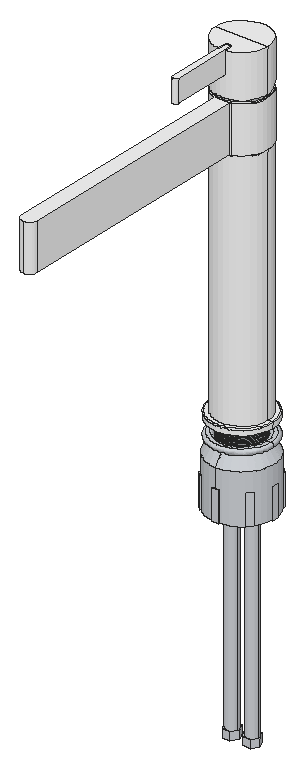
Revit family "Reece_Tap_Milli_Axon_Sink Mixer_205 mm", category Plumbing Fixtures, host Face, Revit 2018
Family settings
  Host = Face
  Round Connector Dimension = Use Diameter
  Part Type = Normal
  Cut with Voids When Loaded = No
  Shared = Yes
  Room Calculation Point = Yes
Parameters (values of type "Chrome")
  WFU = 0  # constant formula
  URL = "https://www.reece.com.au/product/-2252097"
  Type Comments = "Tap"
  Reece_Tap_Reach = 205.0 mm  # constant formula
  Reece_Tap_Inlet = 12.0 mm  # constant formula
  Reece_Tap_Handle Spacing = 69.0 mm
  Reece_Product_Web Page = "https://www.reece.com.au/product/-2252097"
  Reece_Product_Type = "Tap"  # constant formula
  Reece_Product_Sub Brand = "Axon"  # constant formula
  Reece_Product_Number = "2252097"
  Reece_Product_Mount = "Hob Mounted"
  Reece_Product_Description = "Milli Axon Sink Mixer Tap Chrome (5 Star)"
  Reece_Product_Brand = "Milli"  # constant formula
  Reece_Overall_Width = 50.0 mm  # constant formula
  Reece_Overall_Height = 274.0 mm  # constant formula
  Reece_Material_Secondary = Reece_Brass_Chrome
  Reece_Material-Main = Reece_Brass_Chrome
  Reece_Detail_Installation = "Sink Mixer"  # constant formula
  Reece_Detail_Disclaimer = "THIS FILE IS THE PROPERTY OF THE REECE GROUP. IT MAY NOT BE REPRODUCED, REVERSE-ENGINEERED OR MODIFIED. ANY REPUBLICATION, TRANSMISSION OR DISTRIBUTION FOR THE PURPOSE OF COMMERCIALLY EXPLOITING THE FILES IS PROHIBITED."  # constant formula
  Model = "Axon"
  Manufacturer = "Milli"
  Keynote = "Product #2252097, Reece_Tap_Milli_Axon_Sink Mixer_205 mm - Chrome"
  HWFU = 0  # constant formula
  Disclaimer = "THIS FILE IS THE PROPERTY OF THE REECE GROUP. IT MAY NOT BE REPRODUCED, REVERSE-ENGINEERED OR MODIFIED. ANY REPUBLICATION, TRANSMISSION OR DISTRIBUTION FOR THE PURPOSE OF COMMERCIALLY EXPLOITING THE FILES IS PROHIBITED."  # constant formula
  Description = "Milli Axon Sink Mixer Tap Chrome (5 Star)"
  Default Elevation = 1000.0 mm
  CWFU = 0  # constant formula
Types (3, lengths in mm): name | URL | Reece_Product_Web Page | Reece_Product_Number | Reece_Product_Description | Reece_Material_Secondary | Keynote | Description
  (no name) | "https://www.reece.com.au/product/-2252097" | "https://www.reece.com.au/product/-2252097" | "2252097" | "Milli Axon Sink Mixer Tap Chrome (5 Star)" | Reece_Brass_Chrome | "Product #2252097, Reece_Tap_Milli_Axon_Sink Mixer_205 mm -  " | "Milli Axon Sink Mixer Tap Chrome (5 Star)"
  Chrome | "https://www.reece.com.au/product/-2252097" | "https://www.reece.com.au/product/-2252097" | "2252097" | "Milli Axon Sink Mixer Tap Chrome (5 Star)" | Reece_Brass_Chrome | "Product #2252097, Reece_Tap_Milli_Axon_Sink Mixer_205 mm - Chrome" | "Milli Axon Sink Mixer Tap Chrome (5 Star)"
  Chrome_Matte Black | "https://www.reece.com.au/product/-2252098" | "https://www.reece.com.au/product/-2252098" | "2252098" | "Milli Axon Sink Mixer Tap with Black Outlet Chrome / Matte Black (5 Star)" | Reece_Brass_Matte Black | "Product #2252098, Reece_Tap_Milli_Axon_Sink Mixer_205 mm - Chrome_Matte Black" | "Milli Axon Sink Mixer Tap with Black Outlet Chrome / Matte Black (5 Star)"
Reference planes
  plane 1 "Center (Front/Back)": y = 0
  plane 2 "Bottom": z = 0
  plane 3 "Center (Left/Right)": x = 0
  plane 4 "Top": z = 274
  plane 5 "Center L/U": z = 200
  plane 6 "Center L/V": z = 237
  plane 7: y = -220
  plane 8: y = -69
  plane 9: z = 4.5
  plane 10: z = 256
  plane 11: y = 25
  plane 12: y = -205
  plane 13: x = -25
  plane 14: x = -21
  plane 15: x = 21
  plane 16: y = -25
  plane 17: x = 25
Forms (mm)
  Extrusion 1, solid, material "Reece_Brass_Chrome" <- "Reece_Material-Main"
    sketch origin (0, 0, 35) x (1, 0, 0) y (0, 1, 0)
      loop
        circle (0, 0) r 21
    from -30.5 to 164.5
  Extrusion 2, solid, material "Reece_Brass_Chrome" <- "Reece_Material_Secondary"
    sketch origin (0, 0, 95) x (1, 0, 0) y (0, 1, 0)
      loop
        arc (-6.224, -213.776) -> (-4.401, -218.177) -> (0, -220) r 6.224
        arc (0, -220) -> (4.401, -218.177) -> (6.224, -213.776) r 6.224
        line (6.224, -213.776) -> (6.224, -20.638)
        arc (6.224, -20.638) -> (6.373, -20.172) -> (6.766, -19.88) r 0.8
        arc (6.766, -19.88) -> (0, 21) -> (-6.766, -19.88) r 21
        arc (-6.766, -19.88) -> (-6.373, -20.172) -> (-6.224, -20.638) r 0.8
        line (-6.224, -20.638) -> (-6.224, -213.776)
    from 105 to 142
  Revolve 3, solid, material "Reece_Brass_Chrome" <- "Reece_Material-Main"
    sketch origin (0, 0, 0) x (1, 0, 0) y (0, 0, 1)
      loop
        line (-0.66, 200) -> (-20.383, 200)
        arc (-20.383, 200) -> (-20.777, 199.855) -> (-21, 199.5) r 0.65
        line (-21, 199.5) -> (0, 199.5) -> (0, 200.66) -> (-0.66, 200)
      axis (0, 199.5) -> (0, 200.66)
    angle from 0 to 360
  Revolve 4, solid, material "Reece_Brass_Chrome" <- "Reece_Material-Main"
    sketch origin (0, 0, 0) x (1, 0, 0) y (0, 0, 1)
      loop
        line (0, 274) -> (0, 239) -> (20.5, 239)
        arc (20.5, 239) -> (20.854, 239.146) -> (21, 239.5) r 0.5
        line (21, 239.5) -> (21, 274) -> (0, 274)
      axis (0, 239) -> (0, 274)
    angle from 0 to 360
  Extrusion 5, solid, material "Reece_Brass_Chrome" <- "Reece_Material_Secondary"
    sketch origin (0, 0, 45) x (0, 1, 0) y (-1, 0, 0)
      loop
        arc (-15.453, -2.397) -> (-13.056, 0) -> (-15.453, 2.397) r 2.397
        line (-15.453, 2.397) -> (-66.603, 2.397)
        arc (-66.603, 2.397) -> (-69, 0) -> (-66.603, -2.397) r 2.397
        line (-66.603, -2.397) -> (-15.453, -2.397)
    from 211 to 229
  Revolve 6, solid, material "Reece_Brass_Chrome" <- "Reece_Material-Main"
    sketch origin (337.383, 0, 0) x (1, 0, 0) y (0, 0, 1)
      loop
        line (-357.287, 237.003) -> (-337.383, 237.003) -> (-337.383, 260.35)
        arc (-337.383, 260.35) -> (-351.018, 251.817) -> (-357.287, 237.003) r 26.73
      axis (-337.383, 237.003) -> (-337.383, 260.35)
    angle from 0 to 360
  Extrusion 7, void
    sketch origin (0, 0, 0) x (0, 1, 0) y (0, 0, 1)
      loop
        line (-2.86, 237.658) -> (22.966, 237.658) -> (22.966, 248.093) -> (-2.86, 237.658)
    from -28.187 to 28.409
  Extrusion 8, solid, material "Reece_Brass_Chrome" <- "Reece_Material_Secondary"
    sketch origin (0, -64.943, 0) x (1, 0, 0) y (0, 1, 0)
      loop
        circle (0, -127.933) r 1.345
    from 199.839 to 211.613
  Extrusion 9, void
    sketch origin (0, 0, 0) x (1, 0, 0) y (0, 1, 0)
      loop
        circle (0, 0) r 17.5
    from -30.5 to 0
  Extrusion 10, void
    sketch origin (0, 0, 0) x (1, 0, 0) y (0, 1, 0)
      loop
        arc (2.397, -15.453) -> (0, -13.056) -> (-2.397, -15.453) r 2.397
        line (-2.397, -15.453) -> (-2.397, -66.603)
        arc (-2.397, -66.603) -> (0, -69) -> (2.397, -66.603) r 2.397
        line (2.397, -66.603) -> (2.397, -15.453)
    from 256 to 274.684
  Extrusion 11, solid
    sketch origin (0, -0.328, -5.455) x (1, 0, 0) y (0, 1, 0)
      loop
        circle (-7.802, 0.037) r 5
      loop
        circle (8.558, 0.037) r 5
    from -227.67 to 5.455
  Extrusion 12, solid
    sketch origin (0, -0.328, -5.455) x (1, 0, 0) y (0, 1, 0)
      loop
        line (-1.615, 0.044) -> (-5.098, 6.076) -> (-10.805, 6.076) -> (-14.288, 0.044) -> (-10.814, -5.972) -> (-5.089, -5.972) -> (-1.615, 0.044)
      loop
        line (14.759, 0.044) -> (11.591, 5.532) -> (5.255, 5.532) -> (2.087, 0.044) -> (5.255, -5.443) -> (11.591, -5.443) -> (14.759, 0.044)
    from -227.67 to -221.448
  Revolve 13, solid
    sketch origin (0, -0.328, -5.455) x (0, 1, 0) y (0, 0, 1)
      loop
        line (-24, -59.419) -> (-24, -20.536) -> (-18.18, -10.455) -> (-20.489, -10.455) -> (-26, -20) -> (-26, -59.419) -> (-24, -59.419)
      axis (0, -10.455) -> (0, -59.419)
    angle from 0 to 360
  Extrusion 14, solid
    sketch origin (2.399, -30.333, -5.455) x (-0.00336, -0.999994, 0) y (0.999994, -0.00336, 0)
      loop
        line (-5.24, 0.071) -> (-5.24, -4.929) -> (-3.422, -4.929) -> (-3.422, 0.071) -> (-5.24, 0.071)
      loop
        line (-15.067, 19.652) -> (-16.348, 18.363) -> (-12.801, 14.839) -> (-11.52, 16.129) -> (-15.067, 19.652)
      loop
        line (-32.906, 24.224) -> (-32.899, 22.406) -> (-27.899, 22.423) -> (-27.906, 24.241) -> (-32.906, 24.224)
      loop
        line (-50.166, 15.331) -> (-48.876, 14.05) -> (-45.352, 17.598) -> (-46.642, 18.879) -> (-50.166, 15.331)
      loop
        line (-57.216, -5.091) -> (-55.398, -5.085) -> (-55.415, -0.085) -> (-57.233, -0.091) -> (-57.216, -5.091)
      loop
        line (-47.648, -22.847) -> (-46.367, -21.557) -> (-49.914, -18.033) -> (-51.195, -19.323) -> (-47.648, -22.847)
      loop
        line (-27.725, -29.402) -> (-27.731, -27.584) -> (-32.731, -27.601) -> (-32.725, -29.419) -> (-27.725, -29.402)
      loop
        line (-10.279, -20.477) -> (-11.568, -19.196) -> (-15.092, -22.743) -> (-13.802, -24.024) -> (-10.279, -20.477)
    from -59.419 to -35
  Revolve 15, solid
    sketch origin (0, 0, 0) x (1, 0, 0) y (0, 0, 1)
      loop
        arc (-15.764, -0.875) -> (-16.201, -0.438) -> (-15.764, 0) r 0.438
        line (-15.764, 0) -> (0, 0) -> (0, -40.375) -> (-15.764, -40.375)
        arc (-15.764, -40.375) -> (-16.201, -39.937) -> (-15.764, -39.499) r 0.438
        arc (-15.764, -39.499) -> (-16.201, -39.061) -> (-15.764, -38.624) r 0.438
        arc (-15.764, -38.624) -> (-16.201, -38.186) -> (-15.764, -37.748) r 0.438
        arc (-15.764, -37.748) -> (-16.201, -37.31) -> (-15.764, -36.873) r 0.438
        arc (-15.764, -36.873) -> (-16.201, -36.435) -> (-15.764, -35.997) r 0.438
        arc (-15.764, -35.997) -> (-16.201, -35.559) -> (-15.764, -35.122) r 0.438
        arc (-15.764, -35.122) -> (-16.201, -34.684) -> (-15.764, -34.246) r 0.438
        arc (-15.764, -34.246) -> (-16.201, -33.808) -> (-15.764, -33.371) r 0.438
        arc (-15.764, -33.371) -> (-16.201, -32.933) -> (-15.764, -32.495) r 0.438
        arc (-15.764, -32.495) -> (-16.201, -32.057) -> (-15.764, -31.62) r 0.438
        arc (-15.764, -31.62) -> (-16.201, -31.182) -> (-15.764, -30.744) r 0.438
        arc (-15.764, -30.744) -> (-16.201, -30.306) -> (-15.764, -29.869) r 0.438
        arc (-15.764, -29.869) -> (-16.201, -29.431) -> (-15.764, -28.993) r 0.438
        arc (-15.764, -28.993) -> (-16.201, -28.556) -> (-15.764, -28.118) r 0.438
        arc (-15.764, -28.118) -> (-16.201, -27.68) -> (-15.764, -27.242) r 0.438
        arc (-15.764, -27.242) -> (-16.201, -26.805) -> (-15.764, -26.367) r 0.438
        arc (-15.764, -26.367) -> (-16.201, -25.929) -> (-15.764, -25.491) r 0.438
        arc (-15.764, -25.491) -> (-16.201, -25.054) -> (-15.764, -24.616) r 0.438
        arc (-15.764, -24.616) -> (-16.201, -24.178) -> (-15.764, -23.74) r 0.438
        arc (-15.764, -23.74) -> (-16.201, -23.303) -> (-15.764, -22.865) r 0.438
        arc (-15.764, -22.865) -> (-16.201, -22.427) -> (-15.764, -21.989) r 0.438
        arc (-15.764, -21.989) -> (-16.201, -21.552) -> (-15.764, -21.114) r 0.438
        arc (-15.764, -21.114) -> (-16.201, -20.676) -> (-15.764, -20.238) r 0.438
        arc (-15.764, -20.238) -> (-16.201, -19.801) -> (-15.764, -19.363) r 0.438
        arc (-15.764, -19.363) -> (-16.201, -18.925) -> (-15.764, -18.487) r 0.438
        arc (-15.764, -18.487) -> (-16.201, -18.05) -> (-15.764, -17.612) r 0.438
        arc (-15.764, -17.612) -> (-16.201, -17.174) -> (-15.764, -16.736) r 0.438
        arc (-15.764, -16.736) -> (-16.201, -16.299) -> (-15.764, -15.861) r 0.438
        arc (-15.764, -15.861) -> (-16.201, -15.423) -> (-15.764, -14.985) r 0.438
        arc (-15.764, -14.985) -> (-16.201, -14.548) -> (-15.764, -14.11) r 0.438
        arc (-15.764, -14.11) -> (-16.201, -13.672) -> (-15.764, -13.234) r 0.438
        arc (-15.764, -13.234) -> (-16.201, -12.797) -> (-15.764, -12.359) r 0.438
        arc (-15.764, -12.359) -> (-16.201, -11.921) -> (-15.764, -11.483) r 0.438
        arc (-15.764, -11.483) -> (-16.201, -11.046) -> (-15.764, -10.608) r 0.438
        arc (-15.764, -10.608) -> (-16.201, -10.17) -> (-15.764, -9.732) r 0.438
        arc (-15.764, -9.732) -> (-16.201, -9.295) -> (-15.764, -8.857) r 0.438
        arc (-15.764, -8.857) -> (-16.201, -8.419) -> (-15.764, -7.982) r 0.438
        arc (-15.764, -7.982) -> (-16.201, -7.544) -> (-15.764, -7.106) r 0.438
        arc (-15.764, -7.106) -> (-16.201, -6.668) -> (-15.764, -6.231) r 0.438
        arc (-15.764, -6.231) -> (-16.201, -5.793) -> (-15.764, -5.355) r 0.438
        arc (-15.764, -5.355) -> (-16.201, -4.917) -> (-15.764, -4.48) r 0.438
        arc (-15.764, -4.48) -> (-16.201, -4.042) -> (-15.764, -3.604) r 0.438
        arc (-15.764, -3.604) -> (-16.201, -3.166) -> (-15.764, -2.729) r 0.438
        arc (-15.764, -2.729) -> (-16.201, -2.291) -> (-15.764, -1.853) r 0.438
        arc (-15.764, -1.853) -> (-16.201, -1.415) -> (-15.764, -0.978) r 0.438
      axis (0, -40.375) -> (0, 0)
    angle from 0 to 360
  Revolve 16, solid
    sketch origin (0, 0, 40) x (1, 0, 0) y (0, 0, 1)
      loop
        arc (-20, -54.893) -> (-18.043, -52.936) -> (-20, -50.98) r 1.957
        line (-20, -50.98) -> (-23.142, -50.98)
        arc (-23.142, -50.98) -> (-25.099, -52.936) -> (-23.142, -54.893) r 1.957
        line (-23.142, -54.893) -> (-20, -54.893)
      axis (0, -54.893) -> (0, -50.98)
    angle from 0 to 360
  Revolve 17, solid, material "Reece_Brass_Chrome" <- "Reece_Material-Main"
    sketch origin (0, 0, 0) x (1, 0, 0) y (0, 0, 1)
      loop
        line (0, 0) -> (0, 4.5) -> (-24.25, 4.5)
        arc (-24.25, 4.5) -> (-24.78, 4.28) -> (-25, 3.75) r 0.75
        line (-25, 3.75) -> (-25, 0) -> (0, 0)
      axis (0, 0) -> (0, 4.5)
    angle from 0 to 360
  Extrusion 18, solid, material "Reece_Brass_Chrome" <- "Reece_Material_Secondary"
    sketch origin (0, 2.409, 0) x (1, 0, 0) y (0, 1, 0)
      loop
        line (3.981, -214.754) -> (3.981, -195.554)
        arc (3.981, -195.554) -> (-0.019, -191.554) -> (-4.019, -195.554) r 4
        line (-4.019, -195.554) -> (-4.019, -214.754)
        arc (-4.019, -214.754) -> (-0.019, -218.754) -> (3.981, -214.754) r 4
      loop
        line (2.781, -214.754) -> (2.781, -195.554)
        arc (2.781, -195.554) -> (-0.019, -192.754) -> (-2.819, -195.554) r 2.8
        line (-2.819, -195.554) -> (-2.819, -214.754)
        arc (-2.819, -214.754) -> (-0.019, -217.554) -> (2.781, -214.754) r 2.8
    from 199.839 to 211.613
  Extrusion 19, solid, material "Reece_Brass_Chrome" <- "Reece_Material_Secondary"
    sketch origin (-12.306, 0, 0) x (1, 0, 0) y (0, 1, 0)
      loop
        arc (14.306, -197.419) -> (12.306, -195.419) -> (10.306, -197.419) r 2
        line (10.306, -197.419) -> (10.306, -212.581)
        arc (10.306, -212.581) -> (12.306, -214.581) -> (14.306, -212.581) r 2
        line (14.306, -212.581) -> (14.306, -197.419)
    from 199.839 to 211.613
Cuts and joins
  Extrusion 7, Extrusion 10 cuts Revolve 4
  joined: Extrusion 1, Revolve 3, Revolve 4, Revolve 6, Revolve 17
  joined: Extrusion 2, Extrusion 8, Extrusion 18, Extrusion 19
Text (mm)
  text "Reece Copyright © 2018, Reece Ltd." at (-185.293, -173.363, 0), in view "Ref. Level"
  text "Reece ©" at (-200.34, -265.825, -87.706), in view "Reece Preview"
Dimensions and locks
  plane 1 "Center (Front/Back)" to plane 8 = 69.0 mm
  plane 9 to host face = 4.5 mm
  "Reece_Overall_Height": plane 4 "Top" to host face
  plane 4 "Top" to plane 10 = 18.0 mm
  "Reece_Tap_Reach": plane 12 to plane 1 "Center (Front/Back)"
  plane 6 "Center L/V" to plane 5 "Center L/U" = 37.0 mm
  plane 9 to plane 2 "Bottom" = 4.5 mm
  plane 7 to plane 1 "Center (Front/Back)" = 220.0 mm
  plane 8 to plane 1 "Center (Front/Back)" = 69.0 mm
  plane 5 "Center L/U" to plane 2 "Bottom" = 200.0 mm
  "Reece_Tap_Reach": plane 1 "Center (Front/Back)" to plane 12
  plane 11 to plane 7 = 245.0 mm
  "Reece_Tap_Handle Spacing": plane 8 to plane 1 "Center (Front/Back)"
  "Reece_Overall_Width": plane 13 to plane 17
  aligned and locked: plane 2 "Bottom" to host face
  aligned and locked: level to host face
Automatic sketch dimensions
  host sketch curve to host sketch curve = 380.785 mm
  host sketch curve to host sketch curve = 317.421 mm
  plane 1 "Center (Front/Back)" to Extrusion 1 sketch curve = 0.0 mm
  Extrusion 1 sketch curve to plane 3 "Center (Left/Right)" = 0.0 mm
  Extrusion 2 sketch curve to Extrusion 2 sketch curve = 0.0 mm  (x4)
  Extrusion 2 sketch curve to plane 3 "Center (Left/Right)" = 0.0 mm  (x2)
  plane 1 "Center (Front/Back)" to Extrusion 2 sketch curve = 0.0 mm
  plane 7 to Extrusion 2 sketch curve = 0.0 mm
  Extrusion 2 sketch curve to Extrusion 2 sketch curve = 6.224 mm
  Extrusion 2 sketch curve to Extrusion 2 sketch curve = 0.8 mm  (x2)
  plane 1 "Center (Front/Back)" to Extrusion 2 sketch curve = 20.638 mm
  Revolve 3 sketch curve to plane 5 "Center L/U" = 0.0 mm
  Revolve 3 sketch curve to plane 3 "Center (Left/Right)" = 0.0 mm  (x2)
  Revolve 3 sketch curve to plane 3 "Center (Left/Right)" = 0.66 mm
  Revolve 3 sketch curve to plane 5 "Center L/U" = 0.5 mm
  plane 5 "Center L/U" to Revolve 3 sketch curve = 0.66 mm
  plane 5 "Center L/U" to Revolve 3 sketch curve = 0.28 mm
  Revolve 3 sketch curve to Revolve 3 sketch curve = 1.054 mm
  Revolve 4 sketch curve to plane 3 "Center (Left/Right)" = 0.0 mm  (x2)
  Revolve 4 sketch curve to plane 4 "Top" = 0.0 mm
  Revolve 4 sketch curve to Revolve 4 sketch curve = 0.5 mm
  plane 6 "Center L/V" to Revolve 4 sketch curve = 2.5 mm
  Revolve 4 sketch curve to Revolve 4 sketch curve = 20.0 mm
  Revolve 4 sketch curve to Revolve 4 sketch curve = 10.0 mm
  Extrusion 5 sketch curve to plane 3 "Center (Left/Right)" = 0.0 mm
  Extrusion 5 sketch curve to plane 8 = 2.397 mm
  plane 3 "Center (Left/Right)" to Extrusion 5 sketch curve = 2.397 mm
  plane 1 "Center (Front/Back)" to Extrusion 5 sketch curve = 15.453 mm
  Revolve 6 sketch curve to plane 3 "Center (Left/Right)" = 0.0 mm  (x2)
  plane 6 "Center L/V" to Revolve 6 sketch curve = 0.003 mm
  Revolve 6 sketch curve to plane 6 "Center L/V" = 2.525 mm
  plane 3 "Center (Left/Right)" to Revolve 6 sketch curve = 6.706 mm
  Revolve 6 sketch curve to Revolve 6 sketch curve = 1.653 mm
  Revolve 6 sketch curve to Revolve 6 sketch curve = 5.0 mm
  plane 6 "Center L/V" to Extrusion 7 sketch curve = 0.658 mm
  Extrusion 7 sketch curve to plane 10 = 7.907 mm
  plane 1 "Center (Front/Back)" to Extrusion 9 sketch curve = 0.0 mm
  Extrusion 9 sketch curve to plane 3 "Center (Left/Right)" = 0.0 mm
  Extrusion 10 sketch curve to plane 3 "Center (Left/Right)" = 0.0 mm
  plane 3 "Center (Left/Right)" to Extrusion 10 sketch curve = 2.397 mm
  plane 1 "Center (Front/Back)" to Extrusion 10 sketch curve = 15.453 mm
  Extrusion 10 sketch curve to plane 8 = 2.397 mm
  Extrusion 8 sketch curve to plane 3 "Center (Left/Right)" = 0.0 mm
  plane 12 to Extrusion 8 sketch curve = 12.124 mm
  Revolve 3 sketch curve to plane 5 "Center L/U" = 0.65 mm
  Revolve 3 sketch curve to Revolve 3 sketch curve = 19.707 mm
  Revolve 3 sketch curve to Revolve 3 sketch curve = 0.015 mm
  plane 3 "Center (Left/Right)" to Revolve 4 sketch curve = 20.5 mm
  Revolve 6 sketch curve to Revolve 6 sketch curve = 19.904 mm
  plane 1 "Center (Front/Back)" to Extrusion 11 sketch curve = 0.29 mm  (x2)
  Extrusion 11 sketch curve to plane 3 "Center (Left/Right)" = 7.802 mm
  plane 3 "Center (Left/Right)" to Extrusion 11 sketch curve = 8.558 mm
  plane 1 "Center (Front/Back)" to Extrusion 12 sketch curve = 0.283 mm  (x4)
  Extrusion 12 sketch curve to plane 14 = 6.712 mm
  Extrusion 12 sketch curve to Extrusion 12 sketch curve = 3.474 mm
  Extrusion 12 sketch curve to Extrusion 12 sketch curve = 3.482 mm
  Extrusion 12 sketch curve to plane 3 "Center (Left/Right)" = 5.098 mm
  Extrusion 12 sketch curve to plane 3 "Center (Left/Right)" = 5.089 mm
  Extrusion 12 sketch curve to plane 3 "Center (Left/Right)" = 1.615 mm
  plane 3 "Center (Left/Right)" to Extrusion 12 sketch curve = 2.087 mm
  plane 3 "Center (Left/Right)" to Extrusion 12 sketch curve = 5.255 mm  (x2)
  Extrusion 12 sketch curve to Extrusion 12 sketch curve = 6.336 mm  (x2)
  plane 15 to Extrusion 12 sketch curve = 6.241 mm
  plane 1 "Center (Front/Back)" to Extrusion 12 sketch curve = 6.3 mm
  plane 1 "Center (Front/Back)" to Extrusion 12 sketch curve = 5.771 mm
  Extrusion 12 sketch curve to plane 1 "Center (Front/Back)" = 5.204 mm
  Extrusion 12 sketch curve to plane 1 "Center (Front/Back)" = 5.748 mm
  plane 1 "Center (Front/Back)" to Revolve 13 sketch curve = 26.328 mm
  Revolve 13 sketch curve to Revolve 13 sketch curve = 2.0 mm
  Revolve 13 sketch curve to Revolve 13 sketch curve = 3.511 mm
  Revolve 13 sketch curve to Revolve 13 sketch curve = 2.309 mm
  Revolve 13 sketch curve to level = 64.874 mm
  Revolve 13 sketch curve to level = 25.991 mm
  Revolve 13 sketch curve to Revolve 13 sketch curve = 0.536 mm
  Revolve 13 sketch curve to Revolve 13 sketch curve = 10.081 mm
  plane 1 "Center (Front/Back)" to Revolve 13 sketch curve = 0.328 mm
  Revolve 13 sketch curve to Revolve 13 sketch curve = 9.419 mm
  Revolve 13 sketch curve to level = 15.455 mm
  plane 11 to Extrusion 14 sketch curve = 1.9 mm
  plane 3 "Center (Left/Right)" to Extrusion 14 sketch curve = 2.5 mm
  Extrusion 14 sketch curve to Extrusion 14 sketch curve = 0.017 mm  (x3)
  Extrusion 14 sketch curve to Extrusion 14 sketch curve = 1.818 mm  (x2)
  Extrusion 14 sketch curve to Extrusion 14 sketch curve = 4.203 mm
  Extrusion 14 sketch curve to Extrusion 14 sketch curve = 5.25 mm
  Extrusion 14 sketch curve to Extrusion 14 sketch curve = 1.281 mm  (x4)
  Extrusion 14 sketch curve to Extrusion 14 sketch curve = 1.29 mm  (x4)
  Extrusion 14 sketch curve to Extrusion 14 sketch curve = 3.547 mm  (x2)
  Extrusion 14 sketch curve to Extrusion 14 sketch curve = 3.524 mm  (x2)
  Extrusion 14 sketch curve to Extrusion 14 sketch curve = 12.447 mm
  Extrusion 14 sketch curve to Extrusion 14 sketch curve = 0.006 mm  (x2)
  Extrusion 14 sketch curve to Extrusion 14 sketch curve = 13.635 mm
  Extrusion 14 sketch curve to Extrusion 14 sketch curve = 5.0 mm  (x3)
  Extrusion 14 sketch curve to Extrusion 14 sketch curve = 11.552 mm
  Extrusion 14 sketch curve to Extrusion 14 sketch curve = 12.639 mm
  Extrusion 14 sketch curve to Extrusion 14 sketch curve = 6.328 mm
  Extrusion 14 sketch curve to Extrusion 14 sketch curve = 4.839 mm
  Extrusion 14 sketch curve to Extrusion 14 sketch curve = 4.994 mm
  Extrusion 14 sketch curve to Extrusion 14 sketch curve = 12.949 mm
  Extrusion 14 sketch curve to Extrusion 14 sketch curve = 14.266 mm
  Extrusion 14 sketch curve to Extrusion 14 sketch curve = 4.841 mm
  Extrusion 14 sketch curve to Extrusion 14 sketch curve = 14.135 mm
  Extrusion 14 sketch curve to Extrusion 14 sketch curve = 14.769 mm
  Extrusion 14 sketch curve to Extrusion 14 sketch curve = 4.809 mm
  Revolve 15 sketch curve to level = 0.0 mm
  Revolve 15 sketch curve to plane 3 "Center (Left/Right)" = 0.0 mm  (x2)
  Revolve 15 sketch curve to plane 14 = 5.236 mm  (x2)
  Revolve 15 sketch curve to Revolve 15 sketch curve = 0.0 mm  (x87)
  Revolve 15 sketch curve to Revolve 15 sketch curve = 0.438 mm  (x2)
  Revolve 15 sketch curve to Revolve 15 sketch curve = 0.54 mm
  Revolve 15 sketch curve to Revolve 15 sketch curve = 0.875 mm  (x44)
  Revolve 15 sketch curve to Revolve 15 sketch curve = 0.102 mm
  Revolve 15 sketch curve to Revolve 15 sketch curve = 5.608 mm
  plane 9 to Revolve 15 sketch curve = 3.208 mm
  Revolve 16 sketch curve to plane 3 "Center (Left/Right)" = 0.0 mm
  Revolve 16 sketch curve to plane 14 = 1.0 mm
  Revolve 16 sketch curve to plane 13 = 1.858 mm
  Revolve 16 sketch curve to level = 14.893 mm
  Revolve 16 sketch curve to Revolve 16 sketch curve = 1.957 mm
  Revolve 16 sketch curve to Revolve 16 sketch curve = 2.348 mm
  Revolve 16 sketch curve to Revolve 16 sketch curve = 4.043 mm
  Revolve 17 sketch curve to level = 0.0 mm
  plane 13 to Revolve 17 sketch curve = 0.0 mm
  Revolve 17 sketch curve to plane 9 = 0.0 mm
  Revolve 17 sketch curve to plane 3 "Center (Left/Right)" = 0.0 mm  (x2)
  Revolve 17 sketch curve to Revolve 17 sketch curve = 0.75 mm
  plane 9 to Revolve 17 sketch curve = 3.363 mm
  Revolve 17 sketch curve to Revolve 17 sketch curve = 1.917 mm
  plane 1 "Center (Front/Back)" to Extrusion 7 sketch curve = 2.86 mm
  Extrusion 7 sketch curve to plane 11 = 2.034 mm
  Extrusion 18 sketch curve to Extrusion 18 sketch curve = 0.0 mm  (x6)
  plane 12 to Extrusion 18 sketch curve = 11.855 mm
  Extrusion 18 sketch curve to Extrusion 18 sketch curve = 1.2 mm
  Extrusion 18 sketch curve to plane 3 "Center (Left/Right)" = 2.819 mm
  Extrusion 18 sketch curve to plane 3 "Center (Left/Right)" = 0.019 mm
  Extrusion 18 sketch curve to plane 12 = 7.345 mm
  Extrusion 19 sketch curve to plane 3 "Center (Left/Right)" = 2.0 mm
  Extrusion 19 sketch curve to Extrusion 19 sketch curve = 2.0 mm
  Extrusion 19 sketch curve to plane 7 = 7.419 mm
  plane 12 to Extrusion 19 sketch curve = 7.581 mm
  radius of Extrusion 1 sketch curve = 21.0 mm
  radius of Extrusion 9 sketch curve = 17.5 mm
  radius of Extrusion 8 sketch curve = 1.345 mm
  radius of Extrusion 11 sketch curve = 5.0 mm  (x2)
Connectors
  piping at (-7.802, -0.29, -233.125), diameter 12, driven by "Reece_Tap_Inlet"
    settings: on Extrusion 11, index 1, connector inside diameter 609.6 mm, connector length 0.0 mm, flow factor 0, pipe flow 0.0 L/s, pressure drop 0.0 Pa, fitting loss kfactor 0, connector angle 0.00°, fixture units 0, engagement length 0.0 mm, angle of deflection 0.00°, flow configuration 0, flow direction 1, fitting loss method 0, system type 29, joint type 0, gender type 0, connector reference index -1, connector utility 0, adjustable connector no, is connector primary yes, connector description ""
  piping at (8.558, -0.29, -233.125), diameter 12, driven by "Reece_Tap_Inlet"
    settings: on Extrusion 11, index 2, connector inside diameter 609.6 mm, connector length 0.0 mm, flow factor 0, pipe flow 0.0 L/s, pressure drop 0.0 Pa, fitting loss kfactor 0, connector angle 0.00°, fixture units 0, engagement length 0.0 mm, angle of deflection 0.00°, flow configuration 0, flow direction 1, fitting loss method 0, system type 29, joint type 0, gender type 0, connector reference index -1, connector utility 0, adjustable connector no, is connector primary no, connector description ""
